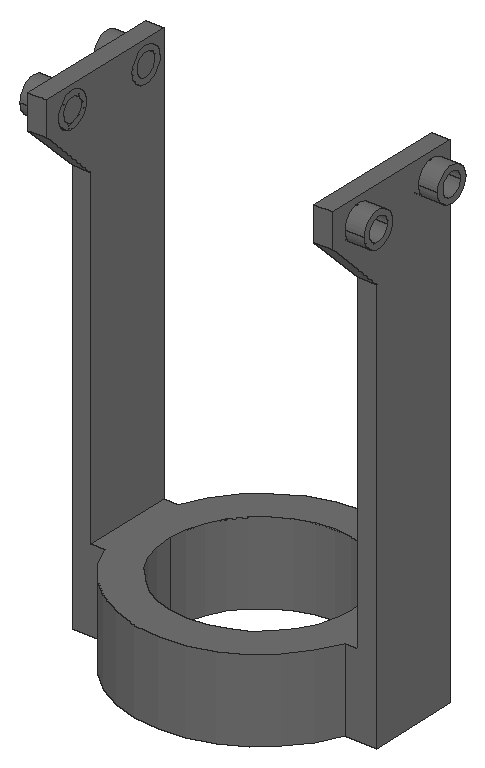
Revit family "Air_Gap-Zurn_Wilikns_Model_AG_11", category Pipe Accessories, Revit 2022
Family settings
  Round Connector Dimension = Use Radius
  Part Type = Valve - Breaks Into
  OmniClass Number = 23.65.55.14
  OmniClass Title = Valves for Liquid Services
  Work Plane-Based = No
  Always vertical = Yes
  Cut with Voids When Loaded = No
  Shared = No
Parameters (values of type "AG-11 (1/2"-1" 375 & 375XL Air Gap)")
  URL = "www.zurn.com/"
  Repair Parts URL = ""
  Product data URL = "https://bimobject.com/zurnindustries/product/AG"
  Product Weight (lbs) = 1
  Product Page URL = "https://www.zurn.com/products/water-control/backflow-accessories/ag"
  Product Installation Sheet URL = ""
  Product Documentation Link = "https://files.zurn.com/spec-sheets/bf-ag.pdf"
  PIPE WIDTH = 0' - 0.9"
  OUTER RADIUS = Nominal Radius + 0' 0 51/128"  # 0' - 1 51/128"
  Nominal Radius = Nominal Diameter / 2  # 0' - 1"
  Nominal Diameter = DIM C INNER DIAMETER  # 0' - 2"
  Modified Date = "06/18/2025"  # constant formula
  Model = "AG-11"
  Max Working Water Temperature = 0 °F
  Max Working Water Pressure = 0.00 psi
  Manufacturer Brand = "Zurn Wilkins"  # constant formula
  Manufacturer = "Zurn Water, LLC"  # constant formula
  Main Material = Paint - Zurn - Cast Iron - Gray
  Length = 2' - 0"
  Height = 1' - 0"
  Flow Rate (GPM) = 0 GPM
  End Connection Width = 0' - 1.6"
  Description = "Air Gap Adaptor Fitting"  # constant formula
  Default Elevation = 0' - 0"
  Date Created = "06/18/2025"  # constant formula
  DIM C INNER DIAMETER = 0' - 2"
  DIM B TOTAL LENGTH = 0' - 5 1/2"
  DIM A WIDTH = 0' - 3 3/4"
  Bolt hole Bush = 0' - 0.4"
  Bolt hole = 0' - 0 51/256"
  Bolt circle from End = 0' - 0 1/4"
  Bolt Pitch = 0' - 1"
  Assembly Code = "D2020300"
  Arm width = 0' - 1"
  Arm outer = 0' - 1.66"
  Arm mid Distance = 0' - 3 5/16"
  Arm Thickness = 0' - 0.2"
  Arm Large Thickness = 0' - 0.415"
  Arm Edge = 0' - 0 3/8"
Reference planes (in)
  plane 1 "Center (Front/Back)": y = 0
  plane 2: z = 0
  plane 3 "Center (Left/Right)": x = 0
  plane 4 "Left Side Plane": x = -12
  plane 5 "Right side Plane": x = 12
  plane 6 "Back Plane": y = 6
  plane 7 "Front Plane": y = -6
  plane 8 "Top Plane": z = 6
  plane 9 "Bottom Plane": z = -6
  plane 10: x = -1.875
  plane 11: x = 1.875
  plane 12: z = 0.9
  plane 13: z = 5.5
  plane 14: x = -1.65625
  plane 15: x = 1.65625
  plane 16: x = -1.45625
  plane 17: x = 1.45625
  plane 18: y = -0.5
  plane 19: y = 0.5
Forms (in)
  Extrusion 1, solid, material "Paint - Zurn - Cast Iron - Gray", detail levels fine
    sketch origin (0.01498, 0.0399, 0) x (1, 0, 0) y (0, 1, 0)
      loop
        circle (-0.01498, -0.0399) r 1
      loop
        line (-1.32261, 0.4601) -> (-1.67123, 0.4601) -> (-1.67123, -0.5399) -> (-1.32098, -0.5399)
        arc (-1.32098, -0.5399) -> (-0.01498, -1.43834) -> (1.29101, -0.5399) r 1.39844
        line (1.29101, -0.5399) -> (1.64127, -0.5399) -> (1.64127, 0.4601) -> (1.29264, 0.4601)
        arc (1.29264, 0.4601) -> (-0.01498, 1.36006) -> (-1.32261, 0.4601) r 1.39996
    from 0 to 0.9
  Extrusion 2, solid, material "Paint - Zurn - Cast Iron - Gray", detail levels fine
    sketch origin (-0.46006, 0, 0) x (1, 0, 0) y (0, 0, 1)
      loop
        line (-1.19619, 5.5) -> (-1.19619, 0) -> (-0.99619, 0) -> (-0.99619, 5.5) -> (-1.19619, 5.5)
      loop
        line (2.11631, 5.5) -> (1.91631, 5.5) -> (1.91631, 0) -> (2.11631, 0) -> (2.11631, 5.5)
    from -0.5 to 0.5
  Extrusion 3, solid, material "Paint - Zurn - Cast Iron - Gray", detail levels fine
    sketch origin (0, 0, 0) x (0, 1, 0) y (0, 0, 1)
      loop
        line (0.5, 5.5) -> (-1.1, 5.5) -> (-1.1, 5.125) -> (-0.475, 4.5) -> (0.5, 4.5) -> (0.5, 5.5)
    from 1.45625 to 1.65625
  Extrusion 4, solid, material "Paint - Zurn - Cast Iron - Gray", detail levels fine
    sketch origin (0, 0, 0) x (0, 1, 0) y (0, 0, 1)
      loop
        circle (0.25, 5.25) r 0.1875
      loop
        circle (-0.75, 5.25) r 0.18783
      loop
        circle (0.25, 5.25) r 0.12619
      loop
        circle (-0.75, 5.25) r 0.12619
    from -1.875 to 1.875
  Extrusion 5, void
    sketch origin (0, 0, 0) x (1, 0, 0) y (0, 0, 1)
      loop
        line (-1.45625, 5.5) -> (-1.45625, 5.02457) -> (1.45625, 5.02457) -> (1.45625, 5.5) -> (-1.45625, 5.5)
    from -0.5 to 1.1
  Extrusion 6, solid, material "Paint - Zurn - Cast Iron - Gray", detail levels fine
    sketch origin (0, 0, 0) x (0, 1, 0) y (0, 0, -1)
      loop
        line (0.5, -5.5) -> (0.5, -4.5) -> (-0.475, -4.5) -> (-1.1, -5.125) -> (-1.1, -5.5) -> (0.5, -5.5)
    from 1.45625 to 1.65625
Cuts and joins
  Extrusion 5 cuts Extrusion 1
  Extrusion 5 cuts Extrusion 2
  Extrusion 5 cuts Extrusion 3
  joined: Extrusion 1, Extrusion 2, Extrusion 3, Extrusion 6
  Extrusion 5 cuts Extrusion 4
Lines and regions (in)
  Masking region 1, detail levels fine
    outline origin (0, 0, 0) x (1, 0, 0) y (0, 1, 0)
      loop
        line (-1.875, 0.5) -> (-1.875, -1.15492) -> (-0.78853, -1.15492)
        arc (-0.78853, -1.15492) -> (0, -1.39844) -> (0.78853, -1.15492) r 1.39844
        line (0.78853, -1.15492) -> (1.875, -1.15492) -> (1.875, 0.5) -> (1.306, 0.5)
        arc (1.306, 0.5) -> (0, 1.39844) -> (-1.306, 0.5) r 1.39844
        line (-1.306, 0.5) -> (-1.875, 0.5)
  symbolic lines, detail levels coarse+medium
    curve 1: circle (0, 0, 0) r 1.39844 normal (0, 0, 1)
    curve 5: line (-1.875, 0, 5.5) -> (1.875, 0, 5.5)
    curve 6: line (0, 0, 5.5) -> (0, 0, 0)
    curve 7: line (-1.65625, 0, 0) -> (1.65625, 0, 0)
    curve 10: line (0, -0.5, 5.5) -> (0, 0.5, 5.5)
    curve 11: line (0, -0.5, 0) -> (0, 0.5, 0)
    curve 12: line (0, 0, 5.5) -> (0, 0, 0)
  model lines, detail levels coarse+medium
    curve 2: line (-1.875, 0, 5.5) -> (1.875, 0, 5.5)
    curve 3: line (0, 0, 5.5) -> (0, 0, 0)
    curve 4: line (-1.65625, 0, 0) -> (1.65625, 0, 0)
    curve 8: line (0, -0.5, 5.5) -> (0, 0.5, 5.5)
    curve 9: line (0, -0.5, 0) -> (0, 0.5, 0)
Dimensions and locks (in)
  equal spacing: plane 5 "Right side Plane", plane 3 "Center (Left/Right)", plane 4 "Left Side Plane"
  "Length": plane 5 "Right side Plane" to plane 4 "Left Side Plane"
  equal spacing: plane 8 "Top Plane", plane 2, plane 9 "Bottom Plane"
  "Height": plane 8 "Top Plane" to plane 9 "Bottom Plane"
  equal spacing: plane 7 "Front Plane", plane 1 "Center (Front/Back)", plane 6 "Back Plane"
  locked: plane 7 "Front Plane" to plane 6 "Back Plane" at 12
  equal spacing: Extrusion 1 sketch curve, plane 1 "Center (Front/Back)", Extrusion 1 sketch curve
  equal spacing: plane 10, plane 3 "Center (Left/Right)", plane 11
  "DIM A WIDTH": plane 10 to plane 11
  "PIPE WIDTH": plane 12 to level
  "DIM B TOTAL LENGTH": plane 13 to level
  equal spacing: plane 15, plane 3 "Center (Left/Right)", plane 14
  "Arm mid Distance": plane 15 to plane 14
  "Arm Thickness": plane 16 to plane 14
  equal spacing: plane 17, plane 3 "Center (Left/Right)", plane 16
  equal spacing: plane 18, plane 1 "Center (Front/Back)", plane 19
  "Arm width": plane 18 to plane 19
  "End Connection Width": Extrusion 3 sketch curve to plane 19
  "Arm Edge": plane 13 to Extrusion 3 sketch curve
  "Bolt Pitch": Extrusion 4 sketch curve to Extrusion 4 sketch curve  (x2)
  "Bolt circle from End": plane 13 to Extrusion 4 sketch curve  (x4)
  "Bolt circle from End": plane 19 to Extrusion 4 sketch curve  (x2)
  locked: Extrusion 5 sketch curve to Extrusion 5 sketch curve at 0.47543
  Extrusion 3 sketch curve to Extrusion 3 sketch curve = 0' - 1"
  Extrusion 6 sketch curve to Extrusion 6 sketch curve = 0' - 1"
  locked: Masking region 1 sketch curve to plane 1 "Center (Front/Back)" at 1.15492
  "DIM C INNER DIAMETER": diameter of Extrusion 1 sketch curve
  "OUTER RADIUS": radius of Extrusion 1 sketch curve
  radius of Extrusion 4 sketch curve = 0' - 0.18783"
  radius of Extrusion 4 sketch curve = 0' - 0.12619"  (x2)
  radius of Extrusion 4 sketch curve = 0' - 0 3/16"
  "OUTER RADIUS": radius of curve 1
  "OUTER RADIUS": radius of Masking region 1 sketch curve
  aligned and locked: plane 2 to level
  aligned and locked: Extrusion 1 sketch curve to Extrusion 1 sketch curve  (x2)
  aligned and locked: plane 12 to Extrusion 1
  aligned and locked: Extrusion 1 to plane 14
  aligned and locked: plane 15 to Extrusion 1
  aligned and locked: Extrusion 2 sketch curve to Extrusion 2 sketch curve  (x2)
  aligned and locked: Extrusion 2 to level
  aligned and locked: plane 13 to Extrusion 2
  aligned and locked: Extrusion 2 to Extrusion 1  (x3)
  aligned and locked: Extrusion 2 to plane 16
  aligned and locked: Extrusion 2 to plane 17
  aligned and locked: Extrusion 2 to plane 18
  aligned and locked: plane 19 to Extrusion 2
  aligned and locked: Extrusion 3 to Extrusion 2
  aligned and locked: plane 13 to Extrusion 3
  aligned and locked: Extrusion 2 to Extrusion 3
  aligned and locked: Extrusion 4 to plane 10
  aligned and locked: plane 11 to Extrusion 4
  aligned and locked: Extrusion 5 sketch curve to cut or joined group of Extrusion 1, Extrusion 2, Extrusion 3, Extrusion 5, Extrusion 6
  aligned and locked: cut or joined group of Extrusion 1, Extrusion 2, Extrusion 3, Extrusion 5, Extrusion 6 to Extrusion 5 sketch curve
  aligned and locked: Extrusion 5 to Extrusion 2
  aligned and locked: Extrusion 5 to Extrusion 3
  aligned and locked: cut or joined group of Extrusion 1, Extrusion 2, Extrusion 3, Extrusion 5, Extrusion 6 to cut or joined group of Extrusion 1, Extrusion 2, Extrusion 3, Extrusion 5, Extrusion 6  (x3)
  aligned and locked: Extrusion 6 to Extrusion 3
  aligned and locked: Extrusion 6 sketch curve to plane 19
  aligned and locked: Extrusion 6 sketch curve to plane 13
  aligned and locked: Masking region 1 sketch curve to cut or joined group of Extrusion 4, Extrusion 5
  aligned and locked: Masking region 1 sketch curve to plane 11
  aligned and locked: Masking region 1 sketch curve to plane 19  (x2)
  aligned and locked: Masking region 1 sketch curve to Masking region 1 sketch curve  (x2)
  aligned and locked: plane 3 "Center (Left/Right)" to curve 1
  aligned and locked: plane 1 "Center (Front/Back)" to curve 1
  aligned and locked: plane 14 to curve 4
  aligned and locked: plane 15 to curve 4
  aligned and locked: curve 4 to level
  aligned and locked: curve 2 to plane 13
  aligned and locked: plane 10 to curve 2
  aligned and locked: plane 11 to curve 2
  aligned and locked: plane 13 to curve 3
  aligned and locked: curve 3 to plane 3 "Center (Left/Right)"
  aligned and locked: level to curve 3
  aligned and locked: plane 14 to curve 7
  aligned and locked: plane 15 to curve 7
  aligned and locked: plane 10 to curve 5
  aligned and locked: plane 11 to curve 5
  aligned and locked: curve 5 to plane 13
  aligned and locked: curve 7 to level
  aligned and locked: plane 19 to curve 8
  aligned and locked: plane 18 to curve 8
  aligned and locked: plane 19 to curve 9
  aligned and locked: plane 18 to curve 9
  aligned and locked: curve 9 to level
  aligned and locked: curve 8 to plane 13
  aligned and locked: plane 18 to curve 11
  aligned and locked: plane 19 to curve 11
  aligned and locked: plane 19 to curve 10
  aligned and locked: plane 18 to curve 10
  aligned and locked: curve 11 to level
  aligned and locked: curve 10 to plane 13
  aligned and locked: level to curve 12
  aligned and locked: plane 13 to curve 12
  aligned and locked: curve 6 to plane 3 "Center (Left/Right)"
  aligned and locked: plane 1 "Center (Front/Back)" to curve 12
  aligned and locked: plane 1 "Center (Front/Back)" to Masking region 1 sketch curve
  aligned and locked: plane 3 "Center (Left/Right)" to Masking region 1 sketch curve
  aligned and locked: plane 3 "Center (Left/Right)" to Extrusion 1 sketch curve  (x3)
  aligned and locked: plane 1 "Center (Front/Back)" to Extrusion 1 sketch curve  (x3)
  aligned and locked: Masking region 1 sketch curve to cut or joined group of Extrusion 1, Extrusion 2, Extrusion 3, Extrusion 5, Extrusion 6
Automatic sketch dimensions
  Extrusion 2 sketch curve to level = 0' - 0"
  Extrusion 2 sketch curve to plane 14 = 0' - 0"
  plane 16 to Extrusion 2 sketch curve = 0' - 0"
  plane 17 to Extrusion 2 sketch curve = 0' - 0"
  Extrusion 2 sketch curve to plane 15 = 0' - 0"
  Extrusion 2 sketch curve to plane 13 = 0' - 0"
  Extrusion 3 sketch curve to plane 13 = 0' - 0"
  Extrusion 3 sketch curve to plane 19 = 0' - 0"
  plane 18 to Extrusion 3 sketch curve = 0' - 0.025"
  Extrusion 5 sketch curve to plane 17 = 0' - 0"
  Extrusion 6 sketch curve to plane 18 = 0' - 0.6"
  Extrusion 6 sketch curve to Extrusion 6 sketch curve = 0' - 0 5/8"  (x2)
  plane 14 to Extrusion 1 sketch curve = 0' - 0"
  Extrusion 1 sketch curve to plane 19 = 0' - 0"
  plane 15 to Extrusion 1 sketch curve = 0' - 0"
  plane 16 to Extrusion 1 sketch curve = 0' - 0.14862"
